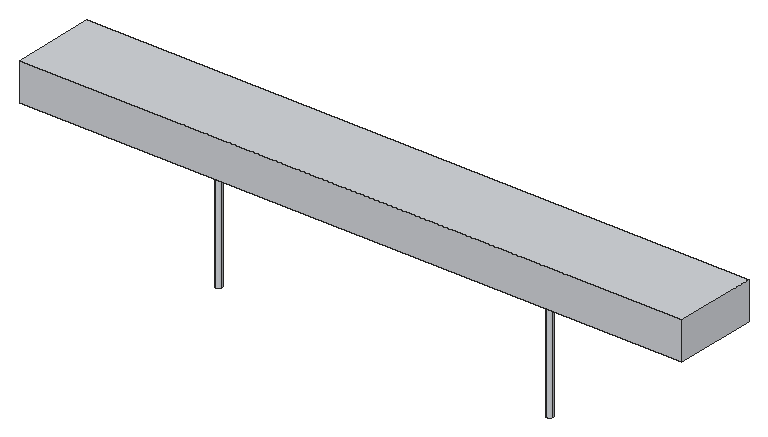
Revit family "707bfa1f41d24dab87224dd5b0460028", category Lighting Fixtures, host Face, Revit 2021
Family settings
  Host = Face
  Round Connector Dimension = Use Diameter
  Part Type = Normal
  OmniClass Number = 23.80.70.11.11
  OmniClass Title = General Luminaries, Non Directional
  Seek Item ID = Pendant Lighting Fixture-0000-USA-ENU
  Cut with Voids When Loaded = No
  Light Source = Yes
  Shared = No
  Room Calculation Point = No
Parameters (values of type "1x8 - 277V")
  Width = 1' - 0"
  Wattage = 128 W
  built-in parameter 1150110 = 1 (stored number, unit not read)
  built-in parameter 1150109 = 1 (stored number, unit not read)
  built-in parameter 1150134 = 8
  built-in parameter 1150113 = 1 (stored number, unit not read)
  Tilt Angle = -90.00°
  Photometric Web File = "p1x82.ies"
  Pendant Length [instance] = 1' - 6"
  Lumens = 11399.7 lm
  built-in parameter 1114217 = 0.88 (stored number, unit not read)
  built-in parameter 1150115 = 1 (stored number, unit not read)
  built-in parameter 1150105 = 907.16 (stored number, unit not read)
  Load Classification = Lighting - Dwelling Unit
  built-in parameter 1150137 = 1
  built-in parameter 1150139 = (empty or 0)
  Length = 8' - 0"
  built-in parameter 1150112 = 1 (stored number, unit not read)
  built-in parameter 1150114 = 1 (stored number, unit not read)
  built-in parameter 1150132 = (empty or 0)
  built-in parameter 1150102 = (empty or 0)
  built-in parameter 1150138 = (empty or 0)
  built-in parameter 1150107 = 4230 (stored number, unit not read)
  built-in parameter 1150106 = 9.0716 (stored number, unit not read)
  Emit from Rectangle Width = Width  # 1' - 0"
  Emit from Rectangle Length = Length  # 8' - 0"
  Emit Shape Visible in Rendering = no
  built-in parameter 1150104 = 8.2739 (stored number, unit not read)
  Dimming Lamp Color Temperature Shift = <None>
  Depth = 0' - 5 1/2"
  Default Elevation = 4' - 0"
  Color Filter = 16777215
  built-in parameter 1140040 [instance] = 1
  Ballast Voltage = 277 V
  built-in parameter 1114218 = 0.88 (stored number, unit not read)
  built-in parameter 1150133 = 10 (stored number, unit not read)
  Assembly Code = ""
  Apparent Load = 128 VA
Types (6): name | Width | Wattage | Photometric Web File | Lumens | built-in parameter 1150105 | Length | built-in parameter 1150106 | Emit from Rectangle Width | Emit from Rectangle Length | Ballast Voltage | Apparent Load
  1x4 - 120V | 1' - 0" | 64 W | "p1x42.ies" | 5699.84 lm | 453.58 (stored number, unit not read) | 4' - 0" | 4.5358 (stored number, unit not read) | 1' - 0" | 4' - 0" | 120 V | 64 VA
  1x4 - 277V | 1' - 0" | 64 W | "p1x42.ies" | 5699.84 lm | 453.58 (stored number, unit not read) | 4' - 0" | 4.5358 (stored number, unit not read) | 1' - 0" | 4' - 0" | 277 V | 64 VA
  1x8 - 120V | 1' - 0" | 128 W | "p1x82.ies" | 11399.7 lm | 907.16 (stored number, unit not read) | 8' - 0" | 9.0716 (stored number, unit not read) | 1' - 0" | 8' - 0" | 120 V | 128 VA
  1x8 - 277V | 1' - 0" | 128 W | "p1x82.ies" | 11399.7 lm | 907.16 (stored number, unit not read) | 8' - 0" | 9.0716 (stored number, unit not read) | 1' - 0" | 8' - 0" | 277 V | 128 VA
  18x4 - 120V | 1' - 6" | 128 W | "P18X44.ies" | 11399.7 lm | 907.16 (stored number, unit not read) | 4' - 0" | 9.0716 (stored number, unit not read) | 1' - 6" | 4' - 0" | 120 V | 128 VA
  18x4 - 277V | 1' - 6" | 128 W | "P18X44.ies" | 11399.7 lm | 907.16 (stored number, unit not read) | 4' - 0" | 9.0716 (stored number, unit not read) | 1' - 6" | 4' - 0" | 277 V | 128 VA
Reference planes (in)
  plane 1 "Center (Front/Back)": y = -4
  plane 2: z = 0
  plane 3 "Center (Left/Right)": x = 0
  plane 4: x = 48
  plane 5: x = 96
  plane 6: y = 2
  plane 7: y = -10
  plane 8: z = 18
  plane 9: z = 23.5
  plane 10: x = 24
  plane 11: x = 72
  plane 12: z = 20.75
Forms (in)
  Extrusion 1, solid
    sketch origin (0, 0, 0) x (1, 0, 0) y (0, 1, 0)
      loop
        line (0, 2) -> (0, -10) -> (96, -10) -> (96, 2) -> (0, 2)
    from 18 to 23.5
  Extrusion 2, solid
    sketch origin (0, 0, 0) x (1, 0, 0) y (0, 1, 0)
      loop
        arc (24, -3.5) -> (23.64645, -3.64645) -> (23.5, -4) r 0.5
        arc (23.5, -4) -> (23.64645, -4.35355) -> (24, -4.5) r 0.5
        arc (24, -4.5) -> (24.35355, -4.35355) -> (24.5, -4) r 0.5
        arc (24.5, -4) -> (24.35355, -3.64645) -> (24, -3.5) r 0.5
      loop
        arc (72, -3.5) -> (71.64645, -3.64645) -> (71.5, -4) r 0.5
        arc (71.5, -4) -> (71.64645, -4.35355) -> (72, -4.5) r 0.5
        arc (72, -4.5) -> (72.35355, -4.35355) -> (72.5, -4) r 0.5
        arc (72.5, -4) -> (72.35355, -3.64645) -> (72, -3.5) r 0.5
    from 0 to 18
Lines and regions (in)
  symbolic lines
    curve 1: line (0, 2, 0) -> (96, 2, 0)
    curve 2: line (0, -10, 0) -> (0, 2, 0)
    curve 3: line (96, -10, 0) -> (0, -10, 0)
    curve 4: line (96, 2, 0) -> (96, -10, 0)
    curve 5: circle (24, -4, 0) r 0.5 normal (0, 0, 1)
    curve 6: circle (72, -4, 0) r 0.5 normal (0, 0, 1)
Dimensions and locks (in)
  equal spacing: plane 3 "Center (Left/Right)", plane 4, plane 5
  "Length": plane 3 "Center (Left/Right)" to plane 5
  equal spacing: plane 6, plane 1 "Center (Front/Back)", plane 7
  "Width": plane 6 to plane 7
  "Pendant Length": host face to plane 8
  "Depth": plane 8 to plane 9
  equal spacing: plane 3 "Center (Left/Right)", plane 10, plane 4
  equal spacing: plane 4, plane 11, plane 5
  equal spacing: plane 9, plane 12, plane 8
  aligned and locked: host face to plane 2
  aligned and locked: host face to level
  aligned and locked: Extrusion 1 to plane 3 "Center (Left/Right)"
  aligned and locked: plane 5 to Extrusion 1
  aligned and locked: plane 6 to Extrusion 1
  aligned and locked: Extrusion 1 to plane 7
  aligned and locked: Extrusion 1 to plane 8
  aligned and locked: plane 9 to Extrusion 1
  aligned and locked: plane 8 to Extrusion 2
  aligned and locked: Extrusion 2 to host face
  aligned and locked: plane 10 to Extrusion 2 sketch curve
  aligned and locked: plane 1 "Center (Front/Back)" to Extrusion 2 sketch curve  (x3)
  aligned and locked: plane 11 to Extrusion 2 sketch curve  (x2)
  aligned and locked: curve 1 to Extrusion 1  (x2)
  aligned and locked: Extrusion 1 to curve 4
  aligned and locked: curve 4 to Extrusion 1
  aligned and locked: curve 5 to Extrusion 2
  aligned and locked: curve 6 to Extrusion 2
  aligned and locked: imposter light to plane 1 "Center (Front/Back)"
  aligned and locked: plane 4 to imposter light
  aligned and locked: imposter light to plane 9
Automatic sketch dimensions
  Extrusion 1 sketch curve to plane 3 "Center (Left/Right)" = 0' - 0"
  Extrusion 1 sketch curve to plane 5 = 0' - 0"
  Extrusion 1 sketch curve to plane 7 = 0' - 0"
  Extrusion 1 sketch curve to plane 6 = 0' - 0"
  Extrusion 2 sketch curve to Extrusion 2 sketch curve = 0' - 0"
  Extrusion 2 sketch curve to Extrusion 2 sketch curve = 0' - 0 1/2"
  Extrusion 2 sketch curve to plane 11 = 0' - 0 1/2"
  host sketch curve to host sketch curve = 13' - 4.8166"
  host sketch curve to host sketch curve = 8' - 0"
Connectors (in)
  electrical at (48, -4, 18), driven by "Apparent Load", driven by "Ballast Voltage", driven by "Load Classification"
    settings: on Extrusion 1, index 1, voltage 277 V, apparent load 0 VA, apparent load phase1 128 VA, apparent load phase2 0 VA, apparent load phase3 0 VA, power factor 0.95, load classification "Lighting - Dwelling Unit", number of poles 1, system type 31, power factor state 1, is connector primary yes, connector utility no, sub classification motor no, connector description ""
